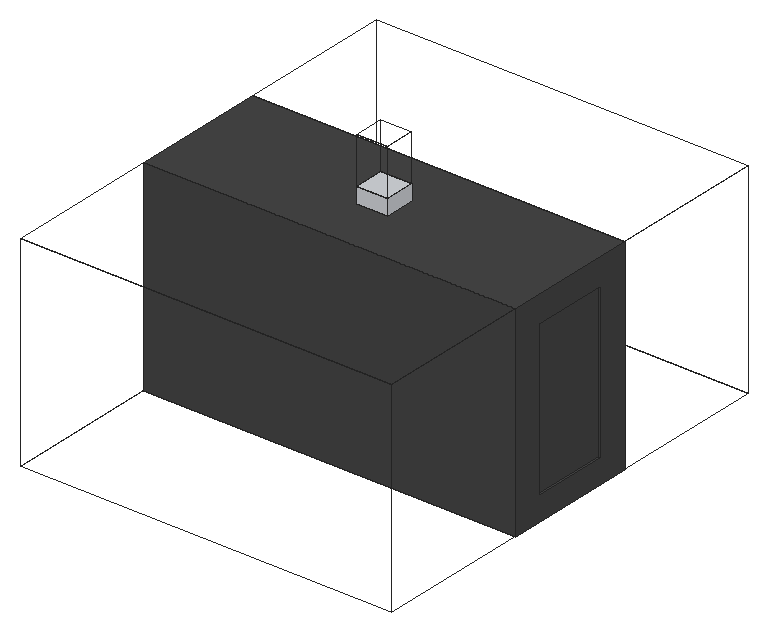
Revit family "Block 2100", category Оборудование, Revit 2019
Family settings
  Размер круглого соединителя = Использовать диаметр
  Классификация = Нет
  Тип детали = Нормальный
  На основе рабочей плоскости = Нет
  Всегда вертикально = Да
  При загрузке вырезать с полостями = Нет
  Общий = Нет
  Точка расчета площади = Нет
Parameters (values of type "Block 2100")
  Угол УГО = atan(ВВ_толщ * 2 / ВВ_Шир)  # 19.7989°
  УГО = C1 высота / 2  # 330 mm
  СЗ правый [instance] = yes
  СЗ левый [instance] = yes
  СЗ КА = yes
  СЗ = 500 mm
  Кол-во вентиляторов = "1"
  КА_ширина = 100 mm  # constant formula
  КА_y = 45 mm  # constant formula
  КА_толщина = 50 mm  # constant formula
  КА_высота = 100 mm  # constant formula
  ВВ_толщ = 45 mm  # constant formula
  ВВ_Дл = 500 mm
  ВВ_Шир = 250 mm
  C1 высота = 660 mm
  B1 глубина = 440 mm
  ADSK_Ток = 3.4 A
  ADSK_Свободный напор воздуха = 522.0 Pa
  ADSK_Расход воздуха = 1600.0 m³/h
  ADSK_Номинальная мощность = 750 W
  ADSK_Напряжение = 220 V  # constant formula
  ADSK_Наименование = "Канальный очиститель с высокой степенью фильтрации Block"
  ADSK_Масса = 0
  ADSK_Марка = "Block 2100"
  ADSK_Количество фаз = 1  # constant formula
  ADSK_Количество [instance] = 1
  ADSK_Код изделия = ""
  ADSK_Завод-изготовитель = "ООО «Турков»"  # constant formula
  ADSK_Единица измерения = "шт."
  A1 длина = 1200 mm
Reference planes
  plane 1 "По центру (Вперед/Назад)": y = 0
  plane 2: z = 0
  plane 3 "По центру (Влево/Вправо)": x = 0
  plane 4: y = 220
  plane 5: x = 600
  plane 6: y = -220
  plane 7: x = -600
  plane 8: z = 660
  plane 9: y = 720
  plane 10: y = -720
  plane 11: x = -590
  plane 12: x = 590
Forms (mm)
  Extrusion 1, solid, material "Сталь, окрашенная, темно-серая, матовая", detail levels medium+fine
    sketch origin (0, 0, 0) x (1, 0, 0) y (0, 1, 0)
      loop
        line (-600, 220) -> (-600, -220) -> (600, -220) -> (600, 220) -> (-600, 220)
    from 0 to 660
  Extrusion 2, solid, material "Сервисная зона", visible <- "СЗ левый", detail levels medium+fine
    sketch origin (-870.289, 220, 1200) x (-1, 0, 0) y (0, 0, 1)
      loop
        line (-270.289, -540) -> (-1470.289, -540) -> (-1470.289, -1200) -> (-270.289, -1200) -> (-270.289, -540)
    from 0 to 500
  Extrusion 3, solid, material "Сервисная зона", visible <- "СЗ правый", detail levels medium+fine
    sketch origin (-870.289, -220, 1200) x (-1, 0, 0) y (0, 0, 1)
      loop
        line (-270.289, -540) -> (-1470.289, -540) -> (-1470.289, -1200) -> (-270.289, -1200) -> (-270.289, -540)
    from 0 to -500
  Extrusion 4, void
    sketch origin (-600, 1141.925, 1200) x (0, -1, 0) y (0, 0, 1)
      loop
        line (1016.925, -625) -> (1016.925, -1125) -> (1266.925, -1125) -> (1266.925, -625) -> (1016.925, -625)
    from 0 to -10
  Extrusion 5, void
    sketch origin (600, 1141.925, 1200) x (0, -1, 0) y (0, 0, 1)
      loop
        line (1266.925, -625) -> (1016.925, -625) -> (1016.925, -1125) -> (1266.925, -1125) -> (1266.925, -625)
    from 0 to 10
  Extrusion 6, solid, detail levels medium+fine
    sketch origin (-1030.316, -1524, 660) x (-1, 0, 0) y (0, -1, 0)
      loop
        line (-980.316, -1574) -> (-980.316, -1474) -> (-1080.316, -1474) -> (-1080.316, -1574) -> (-980.316, -1574)
    from 0 to 50 <- "КА_толщина"
  Extrusion 7, solid, material "Сервисная зона", visible <- "СЗ КА", detail levels medium+fine
    sketch origin (-1030.316, -1524, 710) x (-1, 0, 0) y (0, -1, 0)
      loop
        line (-980.316, -1574) -> (-980.316, -1474) -> (-1080.316, -1474) -> (-1080.316, -1574) -> (-980.316, -1574)
    from 0 to 150
Cuts and joins
  Extrusion 4, Extrusion 5 cuts Extrusion 1
Lines and regions (mm)
  model lines, style "УГО"
    curve 1: line (-600, 0, 660) -> (600, 0, 660)
    curve 2: line (-600, 0, 0) -> (-600, 0, 660)
    curve 3: line (600, 0, 0) -> (-600, 0, 0)
    curve 4: line (600, 0, 660) -> (600, 0, 0)
    curve 108: line (-600, 0, 660) -> (600, 0, 660)
    curve 109: line (-600, 0, 0) -> (-600, 0, 660)
    curve 110: line (600, 0, 0) -> (-600, 0, 0)
    curve 111: line (600, 0, 660) -> (600, 0, 0)
    curve 112: line (-366.152, 0, 330) -> (-388.209, 0, 330)
  model lines, style "УГО", detail levels coarse
    curve 5: line (-645, 0, 455) -> (-600, 0, 330)
    curve 6: line (-600, 0, 330) -> (-645, 0, 205)
    curve 7: line (-645, 0, 205) -> (-645, 0, 455)
    curve 8: line (645, 0, 330) -> (600, 0, 455)
    curve 9: line (645, 0, 330) -> (600, 0, 205)
    curve 10: line (-366.152, 0, 471.57) -> (-228.872, 0, 471.57)
    curve 11: line (-366.152, 0, 188.43) -> (-366.152, 0, 471.57)
    curve 12: line (-228.872, 0, 188.43) -> (-366.152, 0, 188.43)
    curve 13: line (-228.872, 0, 471.57) -> (-87.302, 0, 471.57)
    curve 14: line (-228.872, 0, 188.43) -> (-228.872, 0, 471.57)
    curve 15: line (-87.302, 0, 188.43) -> (-228.872, 0, 188.43)
    curve 16: circle (299.848, 0, 330) r 85.8 normal (0, -1, 0)
    curve 24: line (-228.872, 0, 377.19) -> (-134.492, 0, 377.19)
    curve 25: line (-228.872, 0, 282.81) -> (-134.492, 0, 282.81)
    curve 26: line (-366.152, 0, 377.19) -> (-228.872, 0, 330)
    curve 27: line (-366.152, 0, 282.81) -> (-228.872, 0, 330)
    curve 28: line (-366.152, 0, 471.57) -> (-228.872, 0, 424.38)
    curve 29: line (-366.152, 0, 377.19) -> (-228.872, 0, 424.38)
    curve 30: line (-366.152, 0, 282.81) -> (-228.872, 0, 235.62)
    curve 31: line (-366.152, 0, 188.43) -> (-228.872, 0, 235.62)
    curve 32: arc (-134.492, 0, 471.57) -> (-87.302, 0, 424.38) -> (-134.492, 0, 377.19) r 47.19
    curve 33: arc (-134.492, 0, 377.19) -> (-87.302, 0, 330) -> (-134.492, 0, 282.81) r 47.19
    curve 34: arc (-134.492, 0, 282.81) -> (-87.302, 0, 235.62) -> (-134.492, 0, 188.43) r 47.19
    curve 46: line (385.648, 0, 330) -> (256.948, 0, 404.305)
    curve 47: line (256.948, 0, 404.305) -> (256.948, 0, 255.695)
    curve 48: line (256.948, 0, 255.695) -> (385.648, 0, 330)
    curve 49: line (-87.302, 0, 471.57) -> (54.268, 0, 471.57)
    curve 50: line (54.268, 0, 188.43) -> (-87.302, 0, 188.43)
    curve 51: line (-87.302, 0, 377.19) -> (7.078, 0, 377.19)
    curve 52: line (-87.302, 0, 282.81) -> (7.078, 0, 282.81)
    curve 53: arc (7.078, 0, 471.57) -> (54.268, 0, 424.38) -> (7.078, 0, 377.19) r 47.19
    curve 54: arc (7.078, 0, 377.19) -> (54.268, 0, 330) -> (7.078, 0, 282.81) r 47.19
    curve 55: arc (7.078, 0, 282.81) -> (54.268, 0, 235.62) -> (7.078, 0, 188.43) r 47.19
    curve 56: line (54.268, 0, 471.57) -> (191.548, 0, 471.57)
    curve 57: line (54.268, 0, 188.43) -> (54.268, 0, 471.57)
    curve 58: line (191.548, 0, 188.43) -> (54.268, 0, 188.43)
    curve 59: line (191.548, 0, 188.43) -> (191.548, 0, 471.57)
    curve 60: line (-87.302, 0, 188.43) -> (-87.302, 0, 471.57)
    curve 61: line (167.953, 0, 424.38) -> (77.863, 0, 424.38)
    curve 62: line (77.863, 0, 377.19) -> (167.953, 0, 377.19)
    curve 63: line (77.863, 0, 330) -> (167.953, 0, 330)
    curve 64: line (77.863, 0, 282.81) -> (167.953, 0, 282.81)
    curve 65: line (77.863, 0, 235.62) -> (167.953, 0, 235.62)
    curve 66: arc (167.953, 0, 424.38) -> (191.548, 0, 447.975) -> (167.953, 0, 471.57) r 23.595
    curve 67: arc (77.863, 0, 377.19) -> (54.268, 0, 400.785) -> (77.863, 0, 424.38) r 23.595
    curve 68: arc (167.953, 0, 377.19) -> (191.548, 0, 353.595) -> (167.953, 0, 330) r 23.595
    curve 69: arc (77.863, 0, 330) -> (54.268, 0, 306.405) -> (77.863, 0, 282.81) r 23.595
    curve 70: arc (167.953, 0, 282.81) -> (191.548, 0, 259.215) -> (167.953, 0, 235.62) r 23.595
    curve 71: arc (77.863, 0, 235.62) -> (54.268, 0, 212.025) -> (77.863, 0, 188.43) r 23.595
    curve 72: line (214.048, 0, 330) -> (191.548, 0, 330)
    curve 106: line (-600, 0, 330) -> (-388.209, 0, 330)
    curve 107: line (385.648, 0, 330) -> (600, 0, 330)
  model lines, style "УГО", not visible, detail levels coarse
    curve 17: line (-433.833, 0, 433.375) -> (-296.553, 0, 433.375)
    curve 18: line (-433.833, 0, 150.235) -> (-433.833, 0, 433.375)
    curve 19: line (-296.553, 0, 150.235) -> (-433.833, 0, 150.235)
    curve 20: line (-296.553, 0, 433.375) -> (-154.983, 0, 433.375)
    curve 21: line (-296.553, 0, 150.235) -> (-296.553, 0, 433.375)
    curve 22: line (-154.983, 0, 150.235) -> (-296.553, 0, 150.235)
    curve 23: circle (232.167, 0, 291.805) r 85.8 normal (0, -1, 0)
    curve 35: line (-296.553, 0, 338.995) -> (-202.173, 0, 338.995)
    curve 36: line (-296.553, 0, 244.615) -> (-202.173, 0, 244.615)
    curve 37: line (-433.833, 0, 338.995) -> (-296.553, 0, 291.805)
    curve 38: line (-433.833, 0, 244.615) -> (-296.553, 0, 291.805)
    curve 39: line (-433.833, 0, 433.375) -> (-296.553, 0, 386.185)
    curve 40: line (-433.833, 0, 338.995) -> (-296.553, 0, 386.185)
    curve 41: line (-433.833, 0, 244.615) -> (-296.553, 0, 197.425)
    curve 42: line (-433.833, 0, 150.235) -> (-296.553, 0, 197.425)
    curve 43: arc (-202.173, 0, 433.375) -> (-154.983, 0, 386.185) -> (-202.173, 0, 338.995) r 47.19
    curve 44: arc (-202.173, 0, 338.995) -> (-154.983, 0, 291.805) -> (-202.173, 0, 244.615) r 47.19
    curve 45: arc (-202.173, 0, 244.615) -> (-154.983, 0, 197.425) -> (-202.173, 0, 150.235) r 47.19
    curve 76: line (317.967, 0, 291.805) -> (189.267, 0, 366.11)
    curve 77: line (189.267, 0, 366.11) -> (189.267, 0, 217.5)
    curve 78: line (189.267, 0, 217.5) -> (317.967, 0, 291.805)
    curve 79: line (-154.983, 0, 433.375) -> (-13.413, 0, 433.375)
    curve 80: line (-13.413, 0, 150.235) -> (-154.983, 0, 150.235)
    curve 81: line (-154.983, 0, 338.995) -> (-60.603, 0, 338.995)
    curve 82: line (-154.983, 0, 244.615) -> (-60.603, 0, 244.615)
    curve 83: arc (-60.603, 0, 433.375) -> (-13.413, 0, 386.185) -> (-60.603, 0, 338.995) r 47.19
    curve 84: arc (-60.603, 0, 338.995) -> (-13.413, 0, 291.805) -> (-60.603, 0, 244.615) r 47.19
    curve 85: arc (-60.603, 0, 244.615) -> (-13.413, 0, 197.425) -> (-60.603, 0, 150.235) r 47.19
    curve 86: line (-13.413, 0, 433.375) -> (123.867, 0, 433.375)
    curve 87: line (-13.413, 0, 150.235) -> (-13.413, 0, 433.375)
    curve 88: line (123.867, 0, 150.235) -> (-13.413, 0, 150.235)
    curve 89: line (123.867, 0, 150.235) -> (123.867, 0, 433.375)
    curve 90: line (-154.983, 0, 150.235) -> (-154.983, 0, 433.375)
    curve 91: line (100.272, 0, 386.185) -> (10.182, 0, 386.185)
    curve 92: line (10.182, 0, 338.995) -> (100.272, 0, 338.995)
    curve 93: line (10.182, 0, 291.805) -> (100.272, 0, 291.805)
    curve 94: line (10.182, 0, 244.615) -> (100.272, 0, 244.615)
    curve 95: line (10.182, 0, 197.425) -> (100.272, 0, 197.425)
    curve 96: arc (100.272, 0, 386.185) -> (123.867, 0, 409.78) -> (100.272, 0, 433.375) r 23.595
    curve 97: arc (10.182, 0, 338.995) -> (-13.413, 0, 362.59) -> (10.182, 0, 386.185) r 23.595
    curve 98: arc (100.272, 0, 338.995) -> (123.867, 0, 315.4) -> (100.272, 0, 291.805) r 23.595
    curve 99: arc (10.182, 0, 291.805) -> (-13.413, 0, 268.21) -> (10.182, 0, 244.615) r 23.595
    curve 100: arc (100.272, 0, 244.615) -> (123.867, 0, 221.02) -> (100.272, 0, 197.425) r 23.595
    curve 101: arc (10.182, 0, 197.425) -> (-13.413, 0, 173.83) -> (10.182, 0, 150.235) r 23.595
    curve 102: line (146.367, 0, 291.805) -> (123.867, 0, 291.805)
  reference lines
    curve 73: line (-208.703, 0, 330) -> (-128.703, 0, 330)
    curve 74: line (-388.209, 0, 338.58) -> (-388.209, 0, 317.13)
    curve 75: line (385.648, 0, 340.725) -> (385.648, 0, 319.275)
  reference lines, not visible
    curve 103: line (-276.385, 0, 291.805) -> (-196.385, 0, 291.805)
    curve 104: line (-455.89, 0, 300.385) -> (-455.89, 0, 278.935)
    curve 105: line (317.967, 0, 302.53) -> (317.967, 0, 281.08)
  model lines, style "УГО", not visible
    curve 113: line (-433.833, 0, 291.805) -> (-455.89, 0, 291.805)
Dimensions and locks
  equal spacing: plane 7, plane 3 "По центру (Влево/Вправо)", plane 5
  "A1 длина": plane 7 to plane 5
  equal spacing: plane 4, plane 1 "По центру (Вперед/Назад)", plane 6
  "B1 глубина": plane 4 to plane 6
  "C1 высота": plane 8 to plane 2
  "УГО": curve 6 to plane 2
  "ВВ_Шир": curve 7 to curve 7
  "ВВ_Шир": curve 8 to curve 9
  "УГО": curve 9 to plane 2
  "УГО": curve 73 to plane 2
  "СЗ": plane 9 to plane 4
  "СЗ": plane 6 to plane 10
  equal spacing: Extrusion 4 sketch curve, plane 1 "По центру (Вперед/Назад)", Extrusion 4 sketch curve
  "ВВ_Шир": Extrusion 4 sketch curve to Extrusion 4 sketch curve
  "ВВ_Дл": Extrusion 4 sketch curve to Extrusion 4 sketch curve
  locked: Extrusion 4 sketch curve to plane 2 at 75
  plane 7 to plane 11 = 10 mm
  equal spacing: Extrusion 5 sketch curve, plane 1 "По центру (Вперед/Назад)", Extrusion 5 sketch curve
  "ВВ_Шир": Extrusion 5 sketch curve to Extrusion 5 sketch curve
  "ВВ_Дл": Extrusion 5 sketch curve to Extrusion 5 sketch curve
  locked: Extrusion 5 sketch curve to plane 2 at 75
  plane 12 to plane 5 = 10 mm
  equal spacing: Extrusion 6 sketch curve, plane 3 "По центру (Влево/Вправо)", Extrusion 6 sketch curve
  "КА_высота": Extrusion 6 sketch curve to Extrusion 6 sketch curve
  equal spacing: Extrusion 6 sketch curve, plane 1 "По центру (Вперед/Назад)", Extrusion 6 sketch curve
  "КА_ширина": Extrusion 6 sketch curve to Extrusion 6 sketch curve
  "Угол УГО": angle curve 7 to curve 5
  "Угол УГО": angle curve 6 to curve 7
  "Угол УГО": angle plane 5 to curve 8
  "Угол УГО": angle curve 9 to plane 5
  aligned and locked: level to plane 2
  aligned and locked: plane 7 to Extrusion 1 sketch curve
  aligned and locked: plane 6 to Extrusion 1 sketch curve
  aligned and locked: Extrusion 1 sketch curve to plane 5
  aligned and locked: Extrusion 1 sketch curve to plane 4
  aligned and locked: plane 8 to Extrusion 1
  aligned and locked: plane 7 to curve 2
  aligned and locked: curve 4 to plane 5
  aligned and locked: plane 5 to curve 8
  aligned and locked: curve 75 to curve 107
  aligned and locked: curve 74 to curve 106
  aligned and locked: plane 7 to curve 106
  aligned and locked: curve 73 to curve 107
  aligned and locked: curve 108 to plane 8
  aligned and locked: plane 2 to curve 110
  aligned and locked: curve 106 to curve 73
  aligned and locked: plane 7 to Extrusion 2 sketch curve
  aligned and locked: Extrusion 2 sketch curve to plane 8
  aligned and locked: Extrusion 2 sketch curve to plane 5
  aligned and locked: plane 2 to Extrusion 2 sketch curve
  aligned and locked: plane 9 to Extrusion 2
  aligned and locked: plane 7 to Extrusion 3 sketch curve
  aligned and locked: Extrusion 3 sketch curve to plane 8
  aligned and locked: Extrusion 3 sketch curve to plane 5
  aligned and locked: plane 2 to Extrusion 3 sketch curve
  aligned and locked: Extrusion 3 to plane 10
  aligned and locked: cut or joined group of Extrusion 1, Extrusion 4, Extrusion 5 to plane 11
  aligned and locked: Extrusion 7 sketch curve to Extrusion 6  (x4)
Automatic sketch dimensions
  curve 11 to curve 15 = 137.28 mm
  curve 25 to curve 25 = 94.38 mm
  curve 32 to curve 60 = 47.19 mm
  curve 52 to curve 54 = 94.38 mm
  curve 53 to curve 56 = 47.19 mm
  curve 51 to curve 67 = 70.785 mm
  curve 67 to curve 69 = 0 mm
  curve 64 to curve 65 = 0 mm
  curve 69 to curve 68 = 90.09 mm
  curve 68 to curve 64 = 0 mm
  curve 66 to curve 62 = 0 mm
  curve 58 to curve 47 = 65.4 mm
  curve 47 to curve 16 = 42.9 mm
  curve 16 to curve 48 = 85.8 mm
  curve 71 to curve 71 = 23.595 mm
  curve 34 to curve 34 = 47.19 mm
  curve 55 to curve 55 = 47.19 mm
  curve 12 to curve 31 = 47.19 mm
  curve 58 to curve 47 = 67.265 mm
  curve 65 to curve 70 = 23.595 mm
  curve 69 to curve 69 = 23.595 mm
  curve 34 to curve 33 = 47.19 mm
  curve 46 to curve 16 = 0 mm
  curve 25 to curve 26 = 47.19 mm
  curve 55 to curve 54 = 47.19 mm
  curve 63 to curve 68 = 23.595 mm
  curve 26 to curve 24 = 0 mm
  curve 62 to curve 67 = 23.595 mm
  curve 24 to curve 29 = 47.19 mm
  curve 24 to curve 32 = 47.19 mm
  curve 68 to curve 72 = 23.595 mm
  curve 11 to curve 30 = 94.38 mm
  curve 27 to curve 30 = 0 mm
  curve 47 to curve 72 = 74.305 mm
  curve 18 to curve 22 = 137.28 mm
  curve 36 to curve 36 = 94.38 mm
  curve 43 to curve 90 = 47.19 mm
  curve 82 to curve 84 = 94.38 mm
  curve 83 to curve 86 = 47.19 mm
  curve 81 to curve 97 = 70.785 mm
  curve 97 to curve 99 = 0 mm
  curve 94 to curve 95 = 0 mm
  curve 99 to curve 98 = 90.09 mm
  curve 98 to curve 94 = 0 mm
  curve 96 to curve 92 = 0 mm
  curve 88 to curve 77 = 65.4 mm
  curve 77 to curve 23 = 42.9 mm
  curve 23 to curve 78 = 85.8 mm
  curve 101 to curve 101 = 23.595 mm
  curve 45 to curve 45 = 47.19 mm
  curve 85 to curve 85 = 47.19 mm
  curve 19 to curve 42 = 47.19 mm
  curve 88 to curve 77 = 67.265 mm
  curve 95 to curve 100 = 23.595 mm
  curve 99 to curve 99 = 23.595 mm
  curve 45 to curve 44 = 47.19 mm
  curve 76 to curve 23 = 0 mm
  curve 36 to curve 37 = 47.19 mm
  curve 85 to curve 84 = 47.19 mm
  curve 93 to curve 98 = 23.595 mm
  curve 37 to curve 35 = 0 mm
  curve 92 to curve 97 = 23.595 mm
  curve 35 to curve 40 = 47.19 mm
  curve 35 to curve 43 = 47.19 mm
  curve 98 to curve 102 = 23.595 mm
  curve 18 to curve 41 = 94.38 mm
  curve 38 to curve 41 = 0 mm
  curve 77 to curve 102 = 74.305 mm
  curve 74 to curve 73 = 179.506 mm
  curve 73 to curve 73 = 80 mm
  curve 73 to curve 75 = 514.352 mm
  curve 74 to curve 75 = 2.145 mm
  curve 75 to curve 73 = 10.725 mm
  curve 75 to curve 75 = 21.45 mm
  curve 74 to curve 74 = 21.45 mm
  curve 104 to curve 103 = 179.506 mm
  curve 103 to curve 103 = 80 mm
  curve 103 to curve 105 = 514.352 mm
  curve 104 to curve 105 = 2.145 mm
  curve 105 to curve 103 = 10.725 mm
  curve 105 to curve 105 = 21.45 mm
  curve 104 to curve 104 = 21.45 mm
  curve 112 to curve 112 = 22.057 mm
  curve 30 to curve 112 = 47.19 mm
  curve 113 to curve 113 = 22.057 mm
  curve 41 to curve 113 = 47.19 mm
Connectors
  hvac at (-590, 0, 325), driven by "ВВ_Шир", driven by "ВВ_Дл"
    settings: on cut or joined group of Extrusion 1, Extrusion 4, Extrusion 5, index 1, duct flow 0.0 m³/h, flow factor 0, pres drop 0.0 Pa, loss coef 0, conn angle 0.00°, conn width 250 mm, conn height 500 mm, conn diameter 609.6 mm, duct sys type 29, conn prof type 1, flow config 0, flow direction 1, loss method 0, conn ref index 2, conn util no, is conn primary yes, conn desc ""
  hvac at (590, 0, 325), driven by "ВВ_Дл", driven by "ВВ_Шир"
    settings: on cut or joined group of Extrusion 1, Extrusion 4, Extrusion 5, index 2, duct flow 0.0 m³/h, flow factor 0, pres drop 0.0 Pa, loss coef 0, conn angle 0.00°, conn width 250 mm, conn height 500 mm, conn diameter 609.6 mm, duct sys type 29, conn prof type 1, flow config 0, flow direction 2, loss method 0, conn ref index 1, conn util no, is conn primary no, conn desc ""
  electrical at (-50, 0, 685)
    settings: on Extrusion 6, index 3, voltage 0 V, apparent load 0 VA, apparent load phase1 0 VA, apparent load phase2 0 VA, apparent load phase3 0 VA, power factor 1, load classification "Прочее", number of poles 1, system type 14, power factor state 1, is connector primary yes, connector utility no, sub classification motor no, connector description ""
